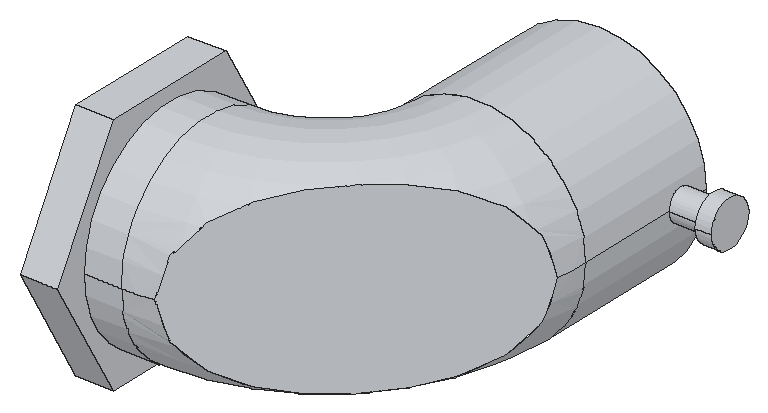
Revit family "M_Cotovelo do conduíte EMT para caixa - Parafuso - Zinco fundido", category Conexões do conduite, Revit 2019
Family settings
  Cota do conector redondo = Usar raio
  Tipo de parte = Múltiplas portas
  Número OmniClass = 23.80.30.17.11
  Título OmniClass = Conduits
  ID de item do Seek = Conduit Elbow EMT to Box - Set Screw - Die Cast Zinc-0000-CAN-ENU
  Com base no plano de trabalho = Não
  Sempre na vertical = Sim
  Corte com vazios quando carregada = Não
  Compartilhado = Não
Parameters (values of type "Padrão")
  Raio 2 [instance] = 0.75 * Comprimento 1  # 2.551 mm
  Raio 1 [instance] = 0.5 * Comprimento 1  # 1.701 mm
  Raio nominal [instance] = 8 mm
  Diâmetro nominal [instance] = Raio nominal * 2  # 16 mm
  Comprimento 9 [instance] = 0.1 * Centro ao final  # 3.327 mm
  Comprimento 8 [instance] = Comprimento 3 * sin(30.00°)  # 7.739 mm
  Comprimento 7 [instance] = Comprimento 3 * cos(30.00°)  # 13.404 mm
  Comprimento 5 [instance] = if(Centro ao final - 0.5 * Centro ao final < Raio externo final, Raio externo final + 3.175 mm, Centro ao final - 0.5 * Centro ao final)  # 16.637 mm
  Comprimento 4 [instance] = Centro ao final - Comprimento 5  # 16.637 mm
  Comprimento 3 [instance] = 1.3 * Raio externo final  # 15.478 mm
  Comprimento 2 [instance] = 0.15 * Raio externo final  # 1.786 mm
  Comprimento da rosca [instance] = Comprimento 4 * 0.5  # 8.319 mm
  Comprimento 6 [instance] = Comprimento 4 - Comprimento da rosca  # 8.319 mm
  Comprimento 1 [instance] = Diâmetro externo final / 7  # 3.402 mm
  Raio externo final [instance] = Diâmetro externo final / 2  # 11.906 mm
  Diâmetro externo final [instance] = size_lookup(Pesquisa de tamanho de conduite, "EOD", 1.22 * Diâmetro nominal + 6.35 mm, Diâmetro nominal)  # 23.813 mm
  Pesquisa de tamanho de conduite = "M_Conduit Elbow EMT to Box - Set Screw - Die Cast Zinc"
  Centro ao final [instance] = size_lookup(Pesquisa de tamanho de conduite, "CtE", 1.28 * Diâmetro nominal + 16.768 mm, Diâmetro nominal)  # 33.274 mm
Reference planes
  plane 1 "Centro (Frente/Trás)": y = 0
  plane 2: z = 0
  plane 3 "Centro (Esquerda/Direita)": x = 0
  plane 4: x = 8.319
  plane 5: x = 4.159
  plane 6: y = 16.637
  plane 7: y = 33.274
  plane 8: z = 13.404
  plane 9: z = -13.404
  plane 10: y = 15.478
  plane 11: y = -15.478
  plane 12: y = 7.739
  plane 13: y = -7.739
  plane 14: y = 29.872
  plane 15: x = 24.956
  plane 16: x = 40.434
  plane 17: x = 42.22
  plane 18: y = -11.906
  plane 19: x = 11.646
  plane 20: x = 36.862
Forms (mm)
  Sweep 1, solid, detail levels fine
    path in 3D
      loop
        line (4.159, 0, 0) -> (8.319, 0, 0)
        arc (8.319, 0, 0) -> (20.083, 4.873, 0) -> (24.956, 16.637, 0) r 16.637
        line (24.956, 16.637, 0) -> (24.956, 33.274, 0)
    profile origin (6.239, 0, 0) x (0, 1, 0) y (0, 0, 1)
      loop
        circle (0, 0) r 11.906
  Extrusion 2, solid, detail levels fine
    sketch origin (0, 0, 0) x (0, 1, 0) y (0, 0, 1)
      loop
        line (7.739, 13.404) -> (-7.739, 13.404) -> (-15.478, 0) -> (-7.739, -13.404) -> (7.739, -13.404) -> (15.478, 0) -> (7.739, 13.404)
    from 0 to 4.159
  Extrusion 3, solid, detail levels fine
    sketch origin (0, 0, 0) x (0, 1, 0) y (0, 0, 1)
      loop
        circle (29.872, 0) r 2.551
    from 40.434 to 42.22
  Extrusion 4, solid, detail levels fine
    sketch origin (0, 0, 0) x (0, 1, 0) y (0, 0, 1)
      loop
        circle (29.872, 0) r 1.701
    from 24.956 to 40.434
  Extrusion 5, void
    sketch origin (0, 0, 0) x (1, 0, 0) y (0, 1, 0)
      loop
        line (11.646, -11.906) -> (36.862, -11.906) -> (36.862, 13.31) -> (11.646, -11.906)
    from -13.404 to 13.404
  Extrusion 6, solid, detail levels fine
    sketch origin (0, 0, 0) x (0, 1, 0) y (0, 0, 1)
      loop
        circle (0, 0) r 3.175
    from 0 to 4.159
Cuts and joins
  Extrusion 5 cuts Sweep 1
  Extrusion 5 cuts Extrusion 2
  Extrusion 5 cuts Extrusion 3
  Extrusion 5 cuts Extrusion 4
  joined: Sweep 1, Extrusion 2, Extrusion 3, Extrusion 4, Extrusion 6
Lines and regions (mm)
  model lines, detail levels coarse+medium
    curve 1: line (4.159, 0, 0) -> (8.319, 0, 0)
    curve 2: arc (8.319, 0, 0) -> (20.083, 4.873, 0) -> (24.956, 16.637, 0) r 16.637
    curve 3: line (24.956, 16.637, 0) -> (24.956, 33.274, 0)
    curve 7: line (0, 0, 0) -> (4.159, 0, 0)
  sketch lines
    curve 4: line (4.159, 0, 0) -> (8.319, 0, 0)
    curve 5: arc (8.319, 0, 0) -> (20.083, 4.873, 0) -> (24.956, 16.637, 0) r 16.637
    curve 6: line (24.956, 16.637, 0) -> (24.956, 33.274, 0)
Dimensions and locks
  "Comprimento 6": plane 3 "Centro (Esquerda/Direita)" to plane 4
  equal spacing: plane 3 "Centro (Esquerda/Direita)", plane 5, plane 4
  "Comprimento 5": plane 6 to plane 1 "Centro (Frente/Trás)"
  "Comprimento 4": plane 7 to plane 6
  "Comprimento 7": plane 8 to plane 2
  equal spacing: plane 8, plane 2, plane 9
  "Comprimento 3": plane 10 to plane 1 "Centro (Frente/Trás)"
  equal spacing: plane 10, plane 1 "Centro (Frente/Trás)", plane 11
  "Comprimento 8": plane 12 to plane 1 "Centro (Frente/Trás)"
  equal spacing: plane 12, plane 1 "Centro (Frente/Trás)", plane 13
  "Comprimento 3": curve 2 to Extrusion 2 sketch curve
  "Comprimento 3": Extrusion 2 sketch curve to plane 1 "Centro (Frente/Trás)"
  "Comprimento 1": plane 7 to plane 14
  "Comprimento 5": plane 4 to plane 15
  "Comprimento 3": plane 15 to plane 16
  "Comprimento 2": plane 16 to plane 17
  "Raio externo final": plane 18 to plane 1 "Centro (Frente/Trás)"  (x2)
  "Comprimento 9": plane 4 to plane 19
  Extrusion 5 to plane 3 "Centro (Esquerda/Direita)" = 36.862 mm
  "Raio externo final": plane 15 to plane 20
  "Comprimento 5": radius of curve 2
  "Raio externo final": radius of Sweep 1 sketch curve
  "Raio 2": radius of Extrusion 3 sketch curve
  "Raio 1": radius of Extrusion 4 sketch curve
  radius of Extrusion 6 sketch curve = 3.175 mm
  locked: curve 2 to curve 2 (angle 90.00°)
  locked: plane 18 to Extrusion 5 sketch curve (angle 45.00°)
  aligned and locked: plane 1 "Centro (Frente/Trás)" to curve 1
  aligned and locked: plane 6 to curve 2
  aligned and locked: plane 4 to curve 2
  aligned and locked: plane 7 to curve 3
  aligned and locked: plane 6 to curve 3
  aligned and locked: Extrusion 2 sketch curve to plane 8
  aligned and locked: plane 8 to Extrusion 2 sketch curve
  aligned and locked: plane 11 to Extrusion 2 sketch curve
  aligned and locked: plane 2 to Extrusion 2 sketch curve  (x2)
  aligned and locked: plane 13 to Extrusion 2 sketch curve  (x2)
  aligned and locked: plane 9 to Extrusion 2 sketch curve
  aligned and locked: plane 12 to Extrusion 2 sketch curve
  aligned and locked: Extrusion 2 to plane 3 "Centro (Esquerda/Direita)"
  aligned and locked: plane 5 to Extrusion 2
  aligned and locked: plane 14 to Extrusion 3 sketch curve
  aligned and locked: plane 2 to Extrusion 3 sketch curve
  aligned and locked: Extrusion 3 to plane 16
  aligned and locked: plane 17 to Extrusion 3
  aligned and locked: plane 14 to Extrusion 4 sketch curve
  aligned and locked: plane 2 to Extrusion 4 sketch curve
  aligned and locked: Extrusion 4 to plane 15
  aligned and locked: plane 16 to Extrusion 4
  aligned and locked: plane 19 to Extrusion 5 sketch curve
  aligned and locked: plane 18 to Extrusion 5 sketch curve
  aligned and locked: plane 20 to Extrusion 5 sketch curve  (x2)
  aligned and locked: Extrusion 5 sketch curve to plane 18
  aligned and locked: plane 9 to Extrusion 5
  aligned and locked: plane 8 to Extrusion 5
  aligned and locked: plane 3 "Centro (Esquerda/Direita)" to curve 7
  aligned and locked: plane 5 to curve 7
  aligned and locked: plane 1 "Centro (Frente/Trás)" to curve 7
  aligned and locked: plane 1 "Centro (Frente/Trás)" to Extrusion 6 sketch curve
  aligned and locked: plane 2 to Extrusion 6 sketch curve
  aligned and locked: Extrusion 6 to plane 3 "Centro (Esquerda/Direita)"
  aligned and locked: plane 5 to Extrusion 6
Automatic sketch dimensions
  Sweep 1 sketch curve to profile plane = 0 mm  (x2)
  Extrusion 2 sketch curve to plane 10 = 0 mm
Connectors
  cabletrayconduit at (0, 0, 0), diameter 16, driven by "Raio nominal"
    settings: on Extrusion 6, index 1, connector width 304.8 mm, connector height 304.8 mm, connector angle 0.00°, system type 32, placement type 0, profile type 0, connector reference index 2, is primary connector yes, connector utility param no, connector description ""
  cabletrayconduit at (24.956, 33.274, 0), diameter 16, driven by "Raio nominal"
    settings: on cut or joined group of Sweep 1, Extrusion 2, Extrusion 3, Extrusion 4, Extrusion 5, Extrusion 6, index 2, connector width 304.8 mm, connector height 304.8 mm, connector angle 0.00°, system type 32, placement type 0, profile type 0, connector reference index 1, is primary connector no, connector utility param no, connector description ""
